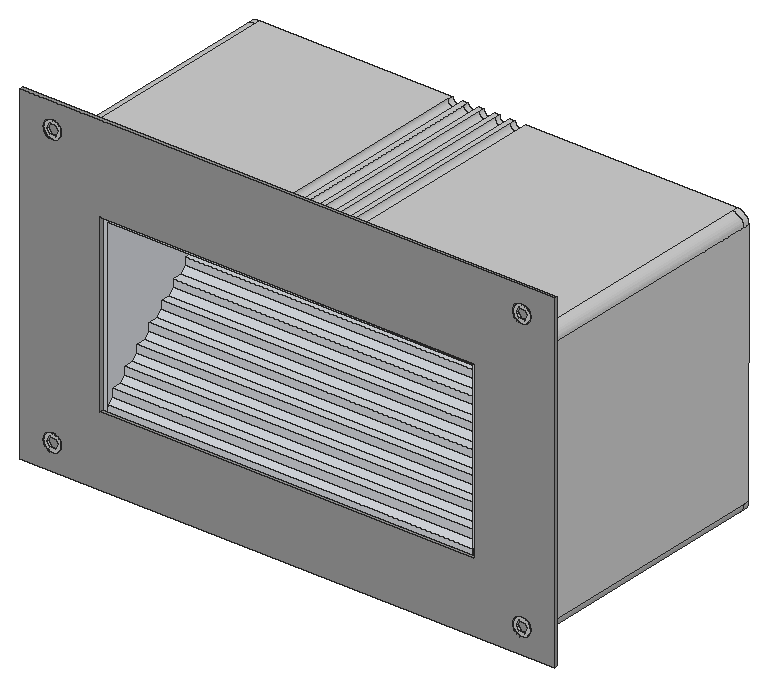
Revit family "WALL LIGHT 03_LK2407CW", category Luminarias, Revit 2019
Family settings
  Cota de conector redondo = Diámetro de uso
  Tipo de pieza = Normal
  Se basa en plano de trabajo = Sí
  Siempre vertical = No
  Corte con vacíos al cargar = No
  Origen de luz = Sí
  Compartido = No
  Punto de cálculo de habitación = No
Parameters (values of type "WALL LIGHT 03_LK2407CW")
  Ángulo de inclinación = 60.00°
  Zone [instance] = ""
  Watt per fixture = 4.8
  Wattage = 4.8 W
  built-in parameter 1150107 = 6000 (stored number, unit not read)
  built-in parameter 1150110 = 1 (stored number, unit not read)
  built-in parameter 1150109 = 1 (stored number, unit not read)
  built-in parameter 1150112 = 1 (stored number, unit not read)
  built-in parameter 1150113 = 1 (stored number, unit not read)
  built-in parameter 1114218 = 1 (stored number, unit not read)
  Keynote = ""
  built-in parameter 1150137 = (empty or 0)
  built-in parameter 1150132 = (empty or 0)
  Modelo = "LK2407CW"
  Lámpara = "SMD 3020"
  Longitud [instance] = 1000 mm
  built-in parameter 1150105 = 6.3637 (stored number, unit not read)
  built-in parameter 1150102 = (empty or 0)
  built-in parameter 1150106 = 0.063637 (stored number, unit not read)
  Lumens = 79.968 lm
  Color Filter = 16777215
  built-in parameter 1114217 = 1 (stored number, unit not read)
  built-in parameter 1150139 = (empty or 0)
  Fabricante = "BRILLANT"
  Default Elevation = 0 mm
  built-in parameter 1150104 = 1.5478 (stored number, unit not read)
  Descripción = "LUMINARIA TIPO RECTANGULAR PARA EMPOTRAR EN MURO CON CUERPO DE ALUMINIO FUNDIDO A PRESION CUBIERTO CON POLVO GRIS OSCURO, IP 65 USO PARA INTERIORES O EXTERIORES CON CUERPO DE 1KG, CUENTA CON 24 LED TIPO SMD3020 CON UNA POTENCIA TOTAL DE 4.8W, A UNA TEMPERATURA EN BLANCO FRIO 6000K CON 80 LUMENES, EFICIENCIA DE 16.66LM/W, IRC 80, IK10,  APERTURA A 120 GRADOS EN STOCK, 36mA EN CORRIENTE DE OPERACIÓN, ALIMENTADA A 100-240V."
  built-in parameter 1150115 = 1 (stored number, unit not read)
  built-in parameter 1150114 = 1 (stored number, unit not read)
  Comentarios de vataje = "100-240V"
  built-in parameter 1150138 = (empty or 0)
  built-in parameter 1150134 = 5
  Circuit [instance] = ""
  Dimming Lamp Color Temperature Shift = (empty or 0)
  Archivo de red fotométrica = "LK2407CW.IES"
  built-in parameter 1150133 = 10 (stored number, unit not read)
Reference planes
  plane 1 "Centro (Frontal/Posterior)": y = 0
  plane 2: z = 0
  plane 3 "Centro (Izquierda/Derecha)": x = 0
Forms (mm)
  Extrusion 1, solid, material "Acabado Blanco"
    sketch origin (0, 0, 0) x (1, 0, 0) y (0, 0, 1)
      loop
        line (-85.5, 106) -> (-85.5, 0) -> (85.5, 0) -> (85.5, 106) -> (-85.5, 106)
      loop
        line (-60, 78.305) -> (-60, 22.305) -> (60, 22.305) -> (60, 78.305) -> (-60, 78.305)
    from -1.076 to 0
  Extrusion 2, solid, material "Acero Inoxidable"
    sketch origin (0, 0, 0) x (1, 0, 0) y (0, 0, 1)
      loop
        arc (-76.663, 91.5) -> (-79.111, 90.486) -> (-80.125, 88.038) r 3.462
        line (-80.125, 88.038) -> (-80.125, 8.5)
        arc (-80.125, 8.5) -> (-79.111, 6.052) -> (-76.663, 5.038) r 3.462
        line (-76.663, 5.038) -> (-14.823, 5.038)
        arc (-14.823, 5.038) -> (-13.125, 6.735) -> (-11.427, 5.038) r 1.698
        line (-11.427, 5.038) -> (-9.823, 5.038)
        arc (-9.823, 5.038) -> (-8.125, 6.735) -> (-6.427, 5.038) r 1.698
        line (-6.427, 5.038) -> (-4.823, 5.038)
        arc (-4.823, 5.038) -> (-3.125, 6.735) -> (-1.427, 5.038) r 1.698
        line (-1.427, 5.038) -> (0.177, 5.038)
        arc (0.177, 5.038) -> (1.875, 6.735) -> (3.573, 5.038) r 1.698
        line (3.573, 5.038) -> (5.177, 5.038)
        arc (5.177, 5.038) -> (6.875, 6.735) -> (8.573, 5.038) r 1.698
        line (8.573, 5.038) -> (76.413, 5.038)
        arc (76.413, 5.038) -> (78.861, 6.052) -> (79.875, 8.5) r 3.462
        line (79.875, 8.5) -> (79.875, 88.038)
        arc (79.875, 88.038) -> (78.861, 90.486) -> (76.413, 91.5) r 3.462
        line (76.413, 91.5) -> (8.573, 91.5)
        arc (8.573, 91.5) -> (6.875, 89.802) -> (5.177, 91.5) r 1.698
        line (5.177, 91.5) -> (3.573, 91.5)
        arc (3.573, 91.5) -> (1.875, 89.802) -> (0.177, 91.5) r 1.698
        line (0.177, 91.5) -> (-1.427, 91.5)
        arc (-1.427, 91.5) -> (-3.125, 89.802) -> (-4.823, 91.5) r 1.698
        line (-4.823, 91.5) -> (-6.427, 91.5)
        arc (-6.427, 91.5) -> (-8.125, 89.802) -> (-9.823, 91.5) r 1.698
        line (-9.823, 91.5) -> (-11.427, 91.5)
        arc (-11.427, 91.5) -> (-13.125, 89.802) -> (-14.823, 91.5) r 1.698
        line (-14.823, 91.5) -> (-76.663, 91.5)
      loop
        line (-75.125, 86.269) -> (-75.125, 49.526)
        arc (-75.125, 49.526) -> (-69.422, 48.191) -> (-75.125, 46.856) r 3.008
        line (-75.125, 46.856) -> (-75.125, 10.269) -> (-59.468, 10.269) -> (-59.468, 13.238) -> (-58.668, 13.238) -> (-58.668, 11.675) -> (-55.268, 11.675) -> (-55.268, 13.238) -> (-54.468, 13.238) -> (-54.468, 10.269) -> (-42.528, 10.269) -> (-42.528, 13.238) -> (-41.728, 13.238) -> (-41.728, 11.675) -> (-38.328, 11.675) -> (-38.328, 13.238) -> (-37.528, 13.238) -> (-37.528, 10.269) -> (-31.631, 10.269) -> (-31.631, 13.238) -> (-30.831, 13.238) -> (-30.831, 11.675) -> (-27.431, 11.675) -> (-27.431, 13.238) -> (-26.631, 13.238) -> (-26.631, 10.269) -> (-18.362, 10.269) -> (-18.362, 13.238) -> (-17.562, 13.238) -> (-17.562, 11.675) -> (-14.162, 11.675) -> (-14.162, 13.238) -> (-13.362, 13.238) -> (-13.362, 10.269) -> (13.362, 10.269) -> (13.362, 13.238) -> (14.162, 13.238) -> (14.162, 11.675) -> (17.562, 11.675) -> (17.562, 13.238) -> (18.362, 13.238) -> (18.362, 10.269) -> (26.631, 10.269) -> (26.631, 13.238) -> (27.431, 13.238) -> (27.431, 11.675) -> (30.831, 11.675) -> (30.831, 13.238) -> (31.631, 13.238) -> (31.631, 10.269) -> (37.528, 10.269) -> (37.528, 13.238) -> (38.328, 13.238) -> (38.328, 11.675) -> (41.728, 11.675) -> (41.728, 13.238) -> (42.528, 13.238) -> (42.528, 10.269) -> (54.468, 10.269) -> (54.468, 13.238) -> (55.268, 13.238) -> (55.268, 11.675) -> (58.668, 11.675) -> (58.668, 13.238) -> (59.468, 13.238) -> (59.468, 10.269) -> (75.125, 10.269) -> (75.125, 46.856)
        arc (75.125, 46.856) -> (69.422, 48.191) -> (75.125, 49.526) r 3.008
        line (75.125, 49.526) -> (75.125, 86.269) -> (59.468, 86.269) -> (59.468, 83.299) -> (58.668, 83.299) -> (58.668, 84.863) -> (55.268, 84.863) -> (55.268, 83.299) -> (54.468, 83.299) -> (54.468, 86.269) -> (42.528, 86.269) -> (42.528, 83.299) -> (41.728, 83.299) -> (41.728, 84.863) -> (38.328, 84.863) -> (38.328, 83.299) -> (37.528, 83.299) -> (37.528, 86.269) -> (31.631, 86.269) -> (31.631, 83.299) -> (30.831, 83.299) -> (30.831, 84.863) -> (27.431, 84.863) -> (27.431, 83.299) -> (26.631, 83.299) -> (26.631, 86.269) -> (18.362, 86.269) -> (18.362, 83.299) -> (17.562, 83.299) -> (17.562, 84.863) -> (14.162, 84.863) -> (14.162, 83.299) -> (13.362, 83.299) -> (13.362, 86.269) -> (-13.362, 86.269) -> (-13.362, 83.299) -> (-14.162, 83.299) -> (-14.162, 84.863) -> (-17.562, 84.863) -> (-17.562, 83.299) -> (-18.362, 83.299) -> (-18.362, 86.269) -> (-26.631, 86.269) -> (-26.631, 83.299) -> (-27.431, 83.299) -> (-27.431, 84.863) -> (-30.831, 84.863) -> (-30.831, 83.299) -> (-31.631, 83.299) -> (-31.631, 86.269) -> (-37.528, 86.269) -> (-37.528, 83.299) -> (-38.328, 83.299) -> (-38.328, 84.863) -> (-41.728, 84.863) -> (-41.728, 83.299) -> (-42.528, 83.299) -> (-42.528, 86.269) -> (-54.468, 86.269) -> (-54.468, 83.299) -> (-55.268, 83.299) -> (-55.268, 84.863) -> (-58.668, 84.863) -> (-58.668, 83.299) -> (-59.468, 83.299) -> (-59.468, 86.269) -> (-75.125, 86.269)
      loop
        circle (-72.43, 48.191) r 0.781
      loop
        circle (72.43, 48.191) r 0.781
    from -82.701 to -1.076
  Extrusion 3, solid, material "Acero Inoxidable"
    sketch origin (0, 0, 0) x (1, 0, 0) y (0, 0, 1)
      loop
        arc (-76.663, 91.5) -> (-79.111, 90.486) -> (-80.125, 88.038) r 3.462
        line (-80.125, 88.038) -> (-80.125, 8.5)
        arc (-80.125, 8.5) -> (-79.111, 6.052) -> (-76.663, 5.038) r 3.462
        line (-76.663, 5.038) -> (-14.823, 5.038)
        arc (-14.823, 5.038) -> (-13.125, 6.735) -> (-11.427, 5.038) r 1.698
        line (-11.427, 5.038) -> (-9.823, 5.038)
        arc (-9.823, 5.038) -> (-8.125, 6.735) -> (-6.427, 5.038) r 1.698
        line (-6.427, 5.038) -> (-4.823, 5.038)
        arc (-4.823, 5.038) -> (-3.125, 6.735) -> (-1.427, 5.038) r 1.698
        line (-1.427, 5.038) -> (0.177, 5.038)
        arc (0.177, 5.038) -> (1.875, 6.735) -> (3.573, 5.038) r 1.698
        line (3.573, 5.038) -> (5.177, 5.038)
        arc (5.177, 5.038) -> (6.875, 6.735) -> (8.573, 5.038) r 1.698
        line (8.573, 5.038) -> (76.413, 5.038)
        arc (76.413, 5.038) -> (78.861, 6.052) -> (79.875, 8.5) r 3.462
        line (79.875, 8.5) -> (79.875, 88.038)
        arc (79.875, 88.038) -> (78.861, 90.486) -> (76.413, 91.5) r 3.462
        line (76.413, 91.5) -> (8.573, 91.5)
        arc (8.573, 91.5) -> (6.875, 89.802) -> (5.177, 91.5) r 1.698
        line (5.177, 91.5) -> (3.573, 91.5)
        arc (3.573, 91.5) -> (1.875, 89.802) -> (0.177, 91.5) r 1.698
        line (0.177, 91.5) -> (-1.427, 91.5)
        arc (-1.427, 91.5) -> (-3.125, 89.802) -> (-4.823, 91.5) r 1.698
        line (-4.823, 91.5) -> (-6.427, 91.5)
        arc (-6.427, 91.5) -> (-8.125, 89.802) -> (-9.823, 91.5) r 1.698
        line (-9.823, 91.5) -> (-11.427, 91.5)
        arc (-11.427, 91.5) -> (-13.125, 89.802) -> (-14.823, 91.5) r 1.698
        line (-14.823, 91.5) -> (-76.663, 91.5)
    from -84.639 to -82.701
  Extrusion 4, void
    sketch origin (0, 0, 0) x (1, 0, 0) y (0, 0, 1)
      loop
        circle (-66.764, 77.896) r 5
      loop
        circle (67.47, 17.948) r 5
    from -84.639 to -82.701
  Extrusion 5, solid
    sketch origin (-5.531, 0, 17.605) x (0, 0, 1) y (0, -1, 0)
      loop
        line (44.699, -48.145) -> (61.197, -48.145) -> (61.197, -1.076) -> (59.697, -1.076) -> (59.697, -46.645) -> (45.393, -46.645) -> (43.973, -44.974) -> (43.973, -41.779) -> (41.509, -41.779) -> (39.838, -40.108) -> (39.838, -36.914) -> (37.375, -36.914) -> (35.704, -35.243) -> (35.704, -32.049) -> (33.24, -32.049) -> (31.569, -30.378) -> (31.569, -27.184) -> (29.106, -27.184) -> (27.435, -25.513) -> (27.435, -22.319) -> (24.971, -22.319) -> (23.3, -20.648) -> (23.3, -17.453) -> (20.836, -17.453) -> (19.165, -15.782) -> (19.165, -12.588) -> (16.702, -12.588) -> (15.031, -10.917) -> (15.031, -7.723) -> (12.567, -7.723) -> (10.896, -6.052) -> (10.896, -2.858) -> (8.182, -2.858) -> (6.668, -1.076) -> (4.699, -1.076) -> (44.699, -48.145)
    from -52.969 to 64.031
  Extrusion 6, solid
    sketch origin (0, 0, 0) x (1, 0, 0) y (0, 0, 1)
      loop
        line (-60, 78.305) -> (-60, 22.305) -> (60, 22.305) -> (60, 78.305) -> (-60, 78.305)
      loop
        line (-58.5, 23.805) -> (58.5, 23.805) -> (58.5, 76.805) -> (-58.5, 76.805) -> (-58.5, 23.805)
    from -1.076 to -48.145
  Extrusion 7, void
    sketch origin (0, 0, 0) x (1, 0, 0) y (0, 0, 1)
      loop
        circle (-75.147, 8.11) r 3.001
      loop
        circle (75.147, 8.11) r 3.001
      loop
        circle (-75.147, 97.89) r 3.001
      loop
        circle (75.147, 97.89) r 3.001
    from -0.64 to 0
  Extrusion 8, solid, material "Acero Inoxidable"
    sketch origin (0, 0, 0) x (1, 0, 0) y (0, 0, 1)
      loop
        line (-76.064, 6.521) -> (-74.23, 6.521) -> (-73.312, 8.11) -> (-74.23, 9.699) -> (-76.064, 9.699) -> (-76.981, 8.11) -> (-76.064, 6.521)
      loop
        circle (-75.147, 8.11) r 2.697
      loop
        line (76.064, 6.521) -> (76.981, 8.11) -> (76.064, 9.699) -> (74.23, 9.699) -> (73.312, 8.11) -> (74.23, 6.521) -> (76.064, 6.521)
      loop
        circle (75.147, 8.11) r 2.697
      loop
        line (-76.064, 99.479) -> (-76.981, 97.89) -> (-76.064, 96.301) -> (-74.23, 96.301) -> (-73.312, 97.89) -> (-74.23, 99.479) -> (-76.064, 99.479)
      loop
        circle (-75.147, 97.89) r 2.697
      loop
        line (76.064, 99.479) -> (74.23, 99.479) -> (73.312, 97.89) -> (74.23, 96.301) -> (76.064, 96.301) -> (76.981, 97.89) -> (76.064, 99.479)
      loop
        circle (75.147, 97.89) r 2.697
    from -0.582 to 0
Cuts and joins
  Extrusion 4, Extrusion 7 cuts Extrusion 1
  Extrusion 4 cuts Extrusion 3
  joined: Extrusion 2, Extrusion 3
Lines and regions (mm)
  model lines
    curve 1: line (0, 65, 10.35) -> (0, 40, 10.35)
Dimensions and locks
  Extrusion 2 sketch curve to Extrusion 2 sketch curve = 86.462 mm
  Extrusion 2 sketch curve to Extrusion 2 sketch curve = 160 mm
  plane 1 "Centro (Frontal/Posterior)" to Extrusion 2 = 82.701 mm
  cut or joined group of Extrusion 1, Extrusion 4, Extrusion 7 to cut or joined group of Extrusion 1, Extrusion 4, Extrusion 7 = 106 mm  (x2)
  cut or joined group of Extrusion 1, Extrusion 4, Extrusion 7 to cut or joined group of Extrusion 2, Extrusion 3, Extrusion 4 = 84.639 mm
  cut or joined group of Extrusion 1, Extrusion 4, Extrusion 7 to level = 78.305 mm
  level to cut or joined group of Extrusion 1, Extrusion 4, Extrusion 7 = 78.305 mm
  cut or joined group of Extrusion 1, Extrusion 4, Extrusion 7 to cut or joined group of Extrusion 1, Extrusion 4, Extrusion 7 = 171 mm
  cut or joined group of Extrusion 1, Extrusion 4, Extrusion 7 to cut or joined group of Extrusion 1, Extrusion 4, Extrusion 7 = 120 mm
  cut or joined group of Extrusion 2, Extrusion 3, Extrusion 4 to cut or joined group of Extrusion 1, Extrusion 4, Extrusion 7 = 84.639 mm
  aligned and locked: level to plane 2
  aligned and locked: Extrusion 2 to Extrusion 3
  aligned and locked: Extrusion 3 to Extrusion 4
  aligned and locked: Extrusion 4 to Extrusion 2
Connectors
  electrical at (27.772, 84.639, 24.918)
    settings: on cut or joined group of Extrusion 2, Extrusion 3, Extrusion 4, index 1, voltage 240 V, apparent load 0 VA, apparent load phase1 0 VA, apparent load phase2 0 VA, apparent load phase3 0 VA, power factor 1, load classification "Otro", number of poles 1, system type 31, power factor state 1, is connector primary yes, connector utility no, sub classification motor no, connector description ""
